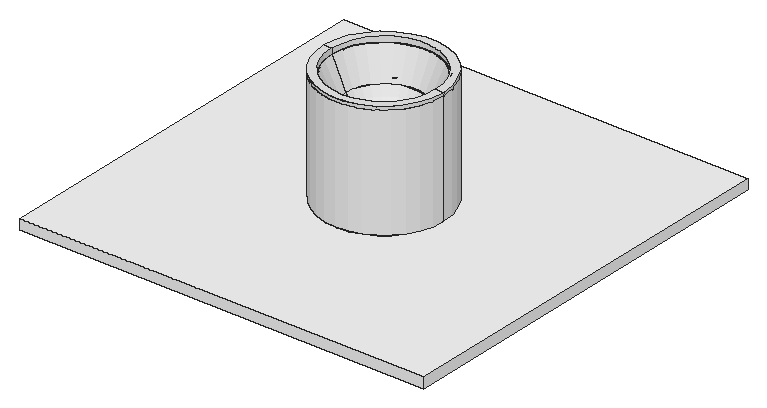
Revit family "BE_50677.2_de_DE", category Leuchten, Revit 2017
Family settings
  Basisbauteil = Fläche
  Bemaßung runder Anschluss = Durchmesser verwenden
  Teiletyp = Normal
  Beim Laden mit Abzugskörper schneiden = Ja
  Lichtquelle = Ja
  Gemeinsam genutzt = Nein
  Raumberechnungspunkt = Ja
Parameters (values of type "BEGA_50677.2_K3")
  built-in parameter 1150104 = 14.391 (stored number, unit not read)
  Wattage = 9.1 W
  Default Elevation = 0 mm
  built-in parameter 1150113 = 1 (stored number, unit not read)
  built-in parameter 1114218 = 1 (stored number, unit not read)
  Umgebungstemperatur = "25 °C"
  URL = "https://www.bega.com/de/produkt/50677.2"
  Typenkommentare = "© 2020 BEGA. Wir behalten uns das Recht vor, technische Änderungen ohne vorherige Ankündigung vorzunehmen."  # constant formula
  built-in parameter 1150134 = (empty or 0)
  built-in parameter 1150109 = 1 (stored number, unit not read)
  Strom = ""
  built-in parameter 1150110 = 1 (stored number, unit not read)
  Spannung = 239.996 V
  Sonderanfertigung = no
  Seriennummer [instance] = "Hier können Sie die eindeutige Seriennummer für das Facility Management eintragen."
  Schutzklasse = "I"
  Schutzart = "IP 20"
  Scheinlast = 0 VA
  Produktdatenblatt = "http://www.bega.de/download/Xrfa/db/50677.2.db.de.pdf"
  Oberflächentemperatur = ""
  Neigungswinkel = 0.00°
  Modell = "50677.2K3"
  Material_34 = BEGA_Oberfläche_Samtweiss_matt
  Material_23 = BEGA_Oberfläche_Chrom_poliert
  Material_22 = BEGA_Oberfläche_Aluminium_matt
  Material_17 = BEGA_Reflektor
  Material_15 = BEGA_Leuchtmedium_matt
  Material_13 = BEGA_Kunststoff_matt
  Material_11 = BEGA_Glas_opal
  Material_09 = BEGA_Glas_klar
  Material_06 = BEGA_Oberfläche_Chrom_poliert
  Material_03 = BEGA_Oberfläche_Weiss_matt
  Material_02 = BEGA_Oberfläche_Silber_matt
  Material_01 [instance] = BEGA_Oberfläche_Grafit_matt
  M_W = no
  M_G = no
  M_A = no
  Logo = 0
  built-in parameter 1114217 = 1 (stored number, unit not read)
  built-in parameter 1150139 = (empty or 0)
  built-in parameter 1150105 = 112.17 (stored number, unit not read)
  built-in parameter 1150114 = 1 (stored number, unit not read)
  Lumens = 1409.59 lm
  built-in parameter 1150115 = 1 (stored number, unit not read)
  Leuchtenlichtstrom = "915 lm"
  Leuchtenanzahl = ""
  Lebensdauerkriterien = "L70B50 @ 25 °C = 400000 h"
  Lastklassifizierung = Beleuchtung
  built-in parameter 1150112 = 1 (stored number, unit not read)
  Lampenlichtstrom = "1255 lm"
  Lampe = "LED 8.1 W"
  LED_Modulbezeichnung = "LED-0800/930"
  Hersteller = "BEGA"  # constant formula
  Halbstreuwinkel = ""
  Gewicht = "0.9 kg"
  Gebrauchslageneinschränkung [instance] = ""
  Frequenz = "0/50-60 Hz"
  Farbwiedergabeindex = "CRI > 90"
  Farbtemperaturverschiebung bei Dämpfen der Lampe = <Keine Auswahl>
  Farbtemperatur = "3000 K"
  Color Filter = 16777215
  built-in parameter 1150133 = 10 (stored number, unit not read)
  Energieeffizienzklasse = "LED A++ - A"
  built-in parameter 1150137 = (empty or 0)
  built-in parameter 1150132 = (empty or 0)
  ENEC = "ja"
  Dimmbar [instance] = "DALI"
  Datei für fotometrisches Netz = "BE_50677-2K3.IES"
  CE_Konformität = "ja"
  Bestellnummer = "50677.2K3"
  Beschreibung_Sonderanfertigung = "Hier können Sie Informationen zur Sonderanfertigung eintragen."
  Beschreibung = "Deckenleuchte · Tiefstrahler"
  built-in parameter 1150106 = 1.1217 (stored number, unit not read)
  Befestigungsbohrung = "Ø 4,5 mm"
  Befestigungsabstand = "96 mm"
  Ballwurfsicher = ""
  BEGA_Intern_aus = yes
  BEGA_Intern_an = yes
  BEGA_Intern_Konstruktion = yes
  BEGA_Intern = yes
  BEGA_IES = yes
  BEGA_Dummy = no
  Anschlussleitung = ""
  Anschlussleistung [instance] = "9.8 W"
  Anschlusskasten = ""
  built-in parameter 1150107 = 3000 (stored number, unit not read)
  built-in parameter 1150102 = (empty or 0)
  built-in parameter 1150138 = (empty or 0)
  Aktualisierung = "2020-09-04T04:00:14"
  Abstand_zur_angestrahlten_Fläche [instance] = ""
  AC/DC = "AC/DC"
Reference planes
  plane 1 "Mitte (Vorne/Hinten)": y = 0
  plane 2: z = 0
  plane 3 "Mitte (Links/Rechts)": x = 0
  plane 4 "Links": x = -59.5
  plane 5 "Rechts": x = 59.5
  plane 6 "Unten": y = -59.5
  plane 7 "Oben": y = 59.5
  plane 8 "Vorne": z = 115.1
  plane 9 "Hinten": z = 0
Forms (mm)
  Extrusion 1, solid, material "BEGA_Platte_Weiss"
    sketch origin (0, -1119.2, 0) x (1, 0, 0) y (0, 1, 0)
      loop
        line (-200, 1319.2) -> (-200, 919.2) -> (200, 919.2) -> (200, 1319.2) -> (-200, 1319.2)
    from 0 to -10
  Extrusion 2, solid, material "BEGA_Dummy_matt", visible <- "BEGA_Dummy"
    sketch origin (77.149, -76.023, 0) x (1, 0, 0) y (0, 1, 0)
      loop
        circle (-77.149, 76.023) r 59.5
    from 0 to 115.1
Dimensions and locks
  plane 1 "Mitte (Vorne/Hinten)" to Extrusion 1 = 200 mm
  aligned and locked: plane 2 to Extrusion 1
  aligned and locked: level to Extrusion 1
Nested families
  nested 1: "BE_50677.2" at (0, 0, 0), type "BE_50677.2"
Connectors
  electrical at (0, 0, 0), driven by "Lastklassifizierung", driven by "Spannung", driven by "Scheinlast"
    settings: index 1, voltage 239.996 V, apparent load 0 VA, apparent load phase1 0 VA, apparent load phase2 0 VA, apparent load phase3 0 VA, power factor 1, load classification "Beleuchtung", number of poles 1, system type 31, power factor state 1, is connector primary yes, connector utility no, sub classification motor no, connector description ""
Definition of nested family "BE_50677.2"
  Parameters (values of type "BE_50677.2")
    Default Elevation = 1 mm
    URL = "http://www.bega.de/de/produkt"
    Type Comments = "© 2015 BEGA. Wir behalten uns das Recht vor, technische Änderungen ohne vorherige Ankündigung vorzunehmen. "  # constant formula
    Type Image = (empty or 0)
    Neigungswinkel_um_Z2 = 0.00°
    Neigungswinkel_um_Z1 = 0.00°
    Neigungswinkel_um_Y2 = 0.00°
    Neigungswinkel_um_Y1 = 0.00°
    Neigungswinkel_um_X2 = 0.00°
    Neigungswinkel_um_X1 = 0.00°
    Material_35 = none
    Material_34 = none
    Material_23 = none
    Material_22 = none
    Material_17 = none
    Material_15 = none
    Material_13 = none
    Material_11 = none
    Material_09 = none
    Material_06 = none
    Material_05 = none
    Material_02 = none
    Material_01 = none
    M_W = yes
    M_G = yes
    M_A = yes
    Länge_Platte = 200 mm  # constant formula
    Höhe_Platte = -10 mm  # constant formula
    Manufacturer = "BEGA"  # constant formula
    Drehwinkel_um_Z2 = 0.00°
    Drehwinkel_um_Z1 = 0.00°
    Breite_Platte = 200 mm  # constant formula
  Reference planes
    plane 1 "Mitte (Oben/Unten)": y = 0
    plane 2: z = 0
    plane 3 "Mitte (Links/Rechts)": x = 0
    plane 4 "Hinten": z = 0
    plane 5 "Links": x = -59.5
    plane 6 "Rechts": x = 59.5
    plane 7 "Oben": y = 59.5
    plane 8 "Unten": y = -59.5
    plane 9: z = 115.1
  Forms (mm)
    Extrusion 1, solid, detail levels medium
      sketch origin (0, 0, 0) x (1, 0, 0) y (0, 1, 0)
        loop
          line (-100, 100) -> (-100, -100) -> (100, -100) -> (100, 100) -> (-100, 100)
      from 0 to -10 <- "Höhe_Platte"
    Revolve 2, solid, material <- "Material_13"
      sketch origin (0, 0, 0) x (1, 0, 0) y (0, 0, 1)
        loop
          line (0, 60.73) -> (0, 61.93)
          arc (0, 61.93) -> (-6.282, 60.311) -> (-11, 55.858) r 13
          line (-11, 55.858) -> (-11.994, 55.858) -> (-11.994, 54.458) -> (-9.75, 54.458) -> (-9.75, 55.576)
          arc (-9.75, 55.576) -> (-5.514, 59.362) -> (0, 60.73) r 11.8
        axis (0, 54.458) -> (0, 61.93)
      angle from 0 to 360
    Revolve 3, solid, material <- "Material_22"
      sketch origin (0, 0, 0) x (1, 0, 0) y (0, 0, 1)
        loop
          line (-18.273, 56.462) -> (-11, 55.825) -> (-11, 56.829) -> (-18.186, 57.458)
          arc (-18.186, 57.458) -> (-29.245, 67.993) -> (-37.796, 80.65) r 71.028
          line (-37.796, 80.65) -> (-39.6, 81.691) -> (-41.259, 85.331) -> (-42.169, 84.917) -> (-40.377, 80.985) -> (-38.491, 79.896)
          arc (-38.491, 79.896) -> (-29.813, 66.944) -> (-18.273, 56.462) r 64.266
        axis (0, 55.825) -> (0, 85.331)
      angle from 0 to 360
    Revolve 4, solid, material <- "Material_23"
      sketch origin (0, 0, 0) x (1, 0, 0) y (0, 0, 1)
        loop
          line (-59.446, 115.1) -> (-59.398, 111.8) -> (-52.937, 111.8) -> (-52.885, 110.3) -> (-51.582, 110.3) -> (-51.75, 115.1) -> (-59.446, 115.1)
        axis (0, 110.3) -> (0, 115.1)
      angle from 0 to 360
    Revolve 5, solid, material <- "Material_34"
      sketch origin (0, 0, 0) x (1, 0, 0) y (0, 0, 1)
        loop
          line (-55.325, 106.9) -> (-56.8, 106.9) -> (-57.071, 111.9) -> (-59.5, 111.8) -> (-59.4, 0.9) -> (-58.543, 0.997) -> (-58.303, 5.1) -> (-57.328, 5.374) -> (-57.2, 6.839) -> (-57.2, 14.979) -> (-56.022, 17.021) -> (-55.5, 46.9) -> (0, 46.9) -> (0, 51.9) -> (-53.405, 51.9) -> (-55.325, 106.9)
        axis (0, 0.9) -> (0, 111.9)
      angle from 0 to 360
    Revolve 6, solid, material <- "Material_22"
      sketch origin (0, 0, 0) x (1, 0, 0) y (0, 0, 1)
        loop
          line (-38.056, 80.8) -> (-51.236, 109.721)
          arc (-51.236, 109.721) -> (-51.605, 110.143) -> (-52.143, 110.3) r 1
          line (-52.143, 110.3) -> (-53.3, 110.3) -> (-53.3, 109.3) -> (-52.143, 109.3) -> (-39.547, 81.661) -> (-38.056, 80.8)
        axis (0, 80.8) -> (0, 110.3)
      angle from 0 to 360
    Revolve 7, solid, material <- "Material_05"
      sketch origin (0, 0, 0) x (1, 0, 0) y (0, 0, 1)
        loop
          line (53.452, 9) -> (53.609, 0) -> (58.1, 0) -> (58.1, 4.627) -> (55.75, 5) -> (55.75, 8.001) -> (55.75, 12.5) -> (55.348, 14) -> (53.505, 14) -> (53.4, 11) -> (39.07, 11) -> (39, 9) -> (53.452, 9)
        axis (0, 0) -> (0, 14)
      angle from 0 to 360
    Extrusion 8, solid, material <- "Material_05"
      sketch origin (0, 0, 0) x (1, 0, 0) y (0, 1, 0)
        loop
          circle (0, -48) r 7.58
        loop
          circle (0, 48) r 7.58
        loop
          circle (0, 48) r 2.25
        loop
          circle (0, -48) r 2.25
      from 0 to 11
  Cuts and joins
    joined: Revolve 7, Extrusion 8
  Dimensions and locks
    equal spacing: Extrusion 1 sketch curve, plane 3 "Mitte (Links/Rechts)", Extrusion 1 sketch curve
    equal spacing: Extrusion 1 sketch curve, plane 1 "Mitte (Oben/Unten)", Extrusion 1 sketch curve
    "Länge_Platte": Extrusion 1 sketch curve to Extrusion 1 sketch curve
    "Breite_Platte": Extrusion 1 sketch curve to Extrusion 1 sketch curve
    aligned and locked: plane 2 to Extrusion 1
    aligned and locked: level to Extrusion 1
  Automatic sketch dimensions
    Revolve 2 sketch curve to Revolve 2 sketch curve = 0 mm  (x3)
    Revolve 2 sketch curve to plane 3 "Mitte (Links/Rechts)" = 0 mm  (x2)
    Revolve 2 sketch curve to plane 3 "Mitte (Links/Rechts)" = 9.75 mm
    Revolve 2 sketch curve to Revolve 2 sketch curve = 1.25 mm
    Revolve 2 sketch curve to Revolve 2 sketch curve = 0.994 mm
    level to Revolve 2 sketch curve = 48.93 mm
    Revolve 2 sketch curve to Revolve 2 sketch curve = 5.528 mm
    Revolve 2 sketch curve to Revolve 2 sketch curve = 1.118 mm
    Revolve 2 sketch curve to Revolve 2 sketch curve = 1.4 mm
    Revolve 2 sketch curve to Revolve 2 sketch curve = 2.853 mm
    Revolve 2 sketch curve to Revolve 2 sketch curve = 5.947 mm
    Revolve 4 sketch curve to plane 3 "Mitte (Links/Rechts)" = 0 mm
    Revolve 4 sketch curve to plane 3 "Mitte (Links/Rechts)" = 51.582 mm
    Revolve 4 sketch curve to Revolve 4 sketch curve = 0.168 mm
    Revolve 4 sketch curve to Revolve 4 sketch curve = 1.302 mm
    Revolve 4 sketch curve to Revolve 4 sketch curve = 0.052 mm
    Revolve 4 sketch curve to Revolve 4 sketch curve = 6.461 mm
    Revolve 4 sketch curve to Revolve 4 sketch curve = 0.047 mm
    Revolve 4 sketch curve to Revolve 4 sketch curve = 1.5 mm
    Revolve 4 sketch curve to Revolve 4 sketch curve = 3.3 mm
    Revolve 4 sketch curve to Revolve 4 sketch curve = 2.164 mm
    Revolve 4 sketch curve to Revolve 4 sketch curve = 8.028 mm
    Revolve 3 sketch curve to plane 3 "Mitte (Links/Rechts)" = 0 mm
    Revolve 3 sketch curve to plane 3 "Mitte (Links/Rechts)" = 11 mm
    Revolve 3 sketch curve to Revolve 3 sketch curve = 0 mm
    Revolve 3 sketch curve to Revolve 3 sketch curve = 7.186 mm
    Revolve 3 sketch curve to Revolve 3 sketch curve = 21.414 mm
    Revolve 3 sketch curve to Revolve 3 sketch curve = 1.659 mm
    Revolve 3 sketch curve to Revolve 3 sketch curve = 0.91 mm
    plane 3 "Mitte (Links/Rechts)" to Revolve 3 sketch curve = 18.846 mm
    Revolve 3 sketch curve to Revolve 3 sketch curve = 6.148 mm
    Revolve 3 sketch curve to Revolve 3 sketch curve = 4.931 mm
    Revolve 3 sketch curve to Revolve 3 sketch curve = 0.415 mm
    Revolve 3 sketch curve to Revolve 3 sketch curve = 3.64 mm
    Revolve 3 sketch curve to Revolve 3 sketch curve = 24.233 mm
    Revolve 3 sketch curve to Revolve 3 sketch curve = 0.629 mm
    Revolve 3 sketch curve to Revolve 3 sketch curve = 1.004 mm
    Revolve 3 sketch curve to Revolve 3 sketch curve = 0.087 mm
    Revolve 3 sketch curve to Revolve 3 sketch curve = 0.777 mm
    Revolve 3 sketch curve to Revolve 3 sketch curve = 6.249 mm
    Revolve 3 sketch curve to Revolve 3 sketch curve = 6.761 mm
    Revolve 3 sketch curve to Revolve 3 sketch curve = 0.706 mm
    Revolve 3 sketch curve to Revolve 3 sketch curve = 0.754 mm
    Revolve 3 sketch curve to Revolve 3 sketch curve = 1.109 mm
    Revolve 3 sketch curve to Revolve 3 sketch curve = 0.695 mm
    Revolve 3 sketch curve to Revolve 3 sketch curve = 10.583 mm
    Revolve 6 sketch curve to plane 3 "Mitte (Links/Rechts)" = 0 mm
    Revolve 6 sketch curve to plane 3 "Mitte (Links/Rechts)" = 38.056 mm
    Revolve 6 sketch curve to Revolve 6 sketch curve = 1.491 mm
    Revolve 6 sketch curve to Revolve 6 sketch curve = 11.688 mm
    Revolve 6 sketch curve to Revolve 6 sketch curve = 0.907 mm
    Revolve 6 sketch curve to Revolve 6 sketch curve = 0.001 mm
    Revolve 6 sketch curve to Revolve 6 sketch curve = 1.157 mm
    level to Revolve 6 sketch curve = 80.8 mm
    Revolve 6 sketch curve to Revolve 6 sketch curve = 0.861 mm
    Revolve 6 sketch curve to Revolve 6 sketch curve = 27.639 mm
    Revolve 6 sketch curve to Revolve 6 sketch curve = 0 mm
    Revolve 6 sketch curve to Revolve 6 sketch curve = 0.421 mm
    Revolve 6 sketch curve to Revolve 6 sketch curve = 12.305 mm
    Revolve 6 sketch curve to Revolve 6 sketch curve = 10 mm
    Revolve 7 sketch curve to plane 3 "Mitte (Links/Rechts)" = 0 mm
    Revolve 7 sketch curve to level = 0 mm
    level to Revolve 7 sketch curve = 9 mm
    plane 3 "Mitte (Links/Rechts)" to Revolve 7 sketch curve = 39 mm
    Revolve 7 sketch curve to Revolve 7 sketch curve = 0.07 mm
    Revolve 7 sketch curve to Revolve 7 sketch curve = 14.33 mm
    Revolve 7 sketch curve to Revolve 7 sketch curve = 0.052 mm
    Revolve 7 sketch curve to Revolve 7 sketch curve = 0.105 mm
    Revolve 7 sketch curve to Revolve 7 sketch curve = 0.157 mm
    Revolve 7 sketch curve to Revolve 7 sketch curve = 1.843 mm
    level to Revolve 7 sketch curve = 5 mm
    Revolve 7 sketch curve to Revolve 7 sketch curve = 2.298 mm
    level to Revolve 7 sketch curve = 4.627 mm
    Revolve 7 sketch curve to Revolve 7 sketch curve = 2.35 mm
    Revolve 7 sketch curve to Revolve 7 sketch curve = 0.999 mm
    Revolve 7 sketch curve to Revolve 7 sketch curve = 2 mm
    Revolve 7 sketch curve to Revolve 7 sketch curve = 1.5 mm  (x2)
    Revolve 7 sketch curve to level = 6 mm
    level to Revolve 7 sketch curve = 44 mm
    Revolve 5 sketch curve to plane 3 "Mitte (Links/Rechts)" = 0 mm  (x2)
    Revolve 5 sketch curve to plane 3 "Mitte (Links/Rechts)" = 53.405 mm
    Revolve 5 sketch curve to Revolve 5 sketch curve = 1.921 mm
    Revolve 5 sketch curve to Revolve 5 sketch curve = 2.095 mm
    level to Revolve 5 sketch curve = 17.021 mm
    Revolve 5 sketch curve to Revolve 5 sketch curve = 0.522 mm
    Revolve 5 sketch curve to Revolve 5 sketch curve = 1.475 mm
    Revolve 5 sketch curve to Revolve 5 sketch curve = 0.271 mm
    level to Revolve 5 sketch curve = 6.839 mm
    Revolve 5 sketch curve to Revolve 5 sketch curve = 1.178 mm
    level to Revolve 5 sketch curve = 14.979 mm
    Revolve 5 sketch curve to Revolve 5 sketch curve = 1.179 mm
    level to Revolve 5 sketch curve = 0.997 mm
    Revolve 5 sketch curve to Revolve 5 sketch curve = 1.344 mm
    level to Revolve 5 sketch curve = 0.9 mm
    Revolve 5 sketch curve to Revolve 5 sketch curve = 0.857 mm
    Revolve 5 sketch curve to Revolve 5 sketch curve = 2.429 mm
    level to Revolve 5 sketch curve = 46.9 mm
    Revolve 5 sketch curve to Revolve 5 sketch curve = 5 mm  (x2)
    Revolve 5 sketch curve to Revolve 5 sketch curve = 55 mm
    Revolve 5 sketch curve to Revolve 5 sketch curve = 4.9 mm
    Revolve 5 sketch curve to Revolve 5 sketch curve = 0.1 mm
    level to Revolve 5 sketch curve = 5.374 mm
    Revolve 5 sketch curve to Revolve 5 sketch curve = 0.128 mm
    level to Revolve 5 sketch curve = 5.1 mm
    Revolve 5 sketch curve to Revolve 5 sketch curve = 0.975 mm
    Revolve 5 sketch curve to Revolve 5 sketch curve = 15 mm
    Extrusion 8 sketch curve to Extrusion 8 sketch curve = 0 mm  (x4)
    Extrusion 8 sketch curve to plane 3 "Mitte (Links/Rechts)" = 0 mm  (x2)
    plane 1 "Mitte (Oben/Unten)" to Extrusion 8 sketch curve = 48 mm
    Extrusion 8 sketch curve to plane 1 "Mitte (Oben/Unten)" = 48 mm
    level to Revolve 3 sketch curve = 55.825 mm
    level to Revolve 4 sketch curve = 110.3 mm
    radius of Extrusion 8 sketch curve = 7.58 mm  (x2)
    radius of Extrusion 8 sketch curve = 2.25 mm  (x2)
